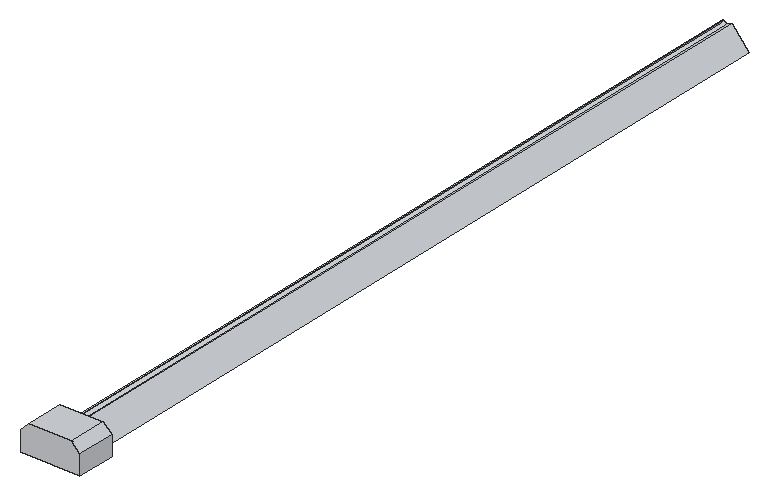
Revit family "DES3-20-50", category Mechanical Equipment, Revit 2012
Parameters
  Weight = "120 Pounds"
  Voltage = 120 V
  URL = "www.DetroitRadiant.com"
  Top Clearance = 0' - 6"
  Stage = "Single"
  Side Clearance = 0' - 9"
  Recommended Mounting Height = "10' to 16'"
  Model = "DES3-20-50"
  Material (Radiant Tubes) = "Hot Rolled Steel"
  Material (Combustion Tube) = "Black Coated Aluminized Steel"
  Manufacturer = "Detroit Radiant Products Company"
  Length = 21' - 9"
  Heat Gain (High Fire) = 50000.0 Btu/h
  Gas Type = "N or LP"
  Frequency = 60 Hz
  Below Clearance = 3' - 11"
Reference planes (in)
  plane 1 "Center (Front/Back)": y = 0
  plane 2: z = 0
  plane 3 "Center (Left/Right)": x = 0
Dimensions and locks (in)
  aligned and locked: plane 2 to level
Nested families (in)
  nested 1: "V3 Box With 20' Tube Assembly" at (-1.75, 0, 0) x (-1, 0, 0) z (0, 0, 1), type "Infra-Red"
Definition of nested family "V3 Box With 20' Tube Assembly"
  Parameters (values of type "Infra-Red")
    Weight = ""
    Voltage = 0 V
    URL = "www.DetroitRadiant.com"
    Top Clearance = 0' - 0"
    Stage = ""
    Side Clearances = 0' - 0"
    Recommended Mounting Height = ""
    Material = ""
    Manufacturer = "Detroit Radiant Products Company"
    Length = 0' - 0"
    Heat Gain (Low Fire) = 0.0 Btu/h
    Heat Gain (High Fire) = 0.0 Btu/h
    Gas Type = ""
    Frequency = 0 Hz
    Current = 0 A
    Below Clearance = 0' - 0"
    Back Clearance = 0' - 0"
    Apparent Power = 0 VA
  Reference planes (in)
    plane 1 "Center (Front/Back)": y = 0
    plane 2: z = 0
    plane 3 "Center (Left/Right)": x = 0
  Forms (in)
    Extrusion 1, solid
      sketch origin (0, 0, 0) x (1, 0, 0) y (0, 0, 1)
        loop
          line (-6.375, 8.625) -> (-9, 6) -> (-9, 0) -> (9.5, 0) -> (9.5, 6) -> (6.875, 8.625) -> (-6.375, 8.625)
      from 12 to 0
    Extrusion 2, solid
      sketch origin (0, -5, 0) x (1, 0, 0) y (0, 0, 1)
        loop
          line (-6.25, 1.1425) -> (-6, 1.1425) -> (-1.00787, 7.21737) -> (0.25, 6.625) -> (1.50787, 7.21737) -> (6.5, 1.1425) -> (6.75, 1.1425) -> (1.54, 7.4825) -> (0.25, 6.875) -> (-1.04, 7.4825) -> (-6.25, 1.1425)
      from 256 to 7
  Lines and regions (in)
    model lines
      curve 1: line (-9, 0, 0) -> (9.5, 0, 0)
  Dimensions and locks (in)
    aligned and locked: plane 2 to level
  Nested families (in)
    nested 1: "10' Tube (Black)" at (13.81098, -247, 0) x (0, 1, 0) z (0, 0, 1), type "10' Burner"
    nested 2: "10'" at (13.81098, -128, 0) x (0, 1, 0) z (0, 0, 1), type "10' Burner"
  Definition of nested family "10' Tube (Black)"
    Parameters (values of type "10' Burner")
      h = 0.0 Btu/h
      Tube = none
      Reflector = none
      Heating = 50000 VA  # 170607.1 Btu/h
      Hanger = none
    Reference planes (in)
      plane 1 "Center (Front/Back)": y = 0
      plane 2: z = 0
      plane 3 "Center (Left/Right)": x = 0
    Forms (in)
      Extrusion 1, solid, material "Default 3"
        sketch origin (99, 292.12195, 0) x (0, -1, 0) y (0, 0, 1)
          loop
            circle (278.56098, 1.61442) r 2
          loop
            circle (278.56098, 1.61442) r 1.80078
        from 109 to 0
      Extrusion 2, solid, material "Default 3"
        sketch origin (-14, -265, 0) x (0, 1, 0) y (0, 0, 1)
          loop
            circle (278.56098, 1.61442) r 1.60156
          loop
            circle (278.56098, 1.61442) r 1.80078
        from 4 to 0
    Lines and regions (in)
      model lines
        curve 1: circle (0, 13.56098, 1.61442) r 1.80078 normal (1, 0, 0)
        curve 2: circle (0, 13.56098, 1.61442) r 1.60156 normal (1, 0, 0)
    Dimensions and locks (in)
      aligned and locked: plane 2 to level
  Definition of nested family "10'"
    Parameters (values of type "Tube")
      h = 0.0 Btu/h
      Tube = none
      Reflector = none
      Heating = 50000 VA  # 170607.1 Btu/h
      Hanger = none
    Types (2): name
      10' Burner
      Tube
    Reference planes (in)
      plane 1 "Center (Front/Back)": y = 0
      plane 2: z = 0
      plane 3 "Center (Left/Right)": x = 0
    Forms (in)
      Extrusion 1, solid, material "Default 3"
        sketch origin (116, 292.12195, 0) x (0, -1, 0) y (0, 0, 1)
          loop
            circle (278.56098, 1.61442) r 2
          loop
            circle (278.56098, 1.61442) r 1.80078
        from 136 to 0
      Extrusion 2, solid, material "Default 3"
        sketch origin (-24, -265, 0) x (0, 1, 0) y (0, 0, 1)
          loop
            circle (278.56098, 1.61442) r 1.60156
          loop
            circle (278.56098, 1.61442) r 1.80078
        from 4 to 0
    Lines and regions (in)
      model lines
        curve 1: circle (0, 13.56098, 1.61442) r 1.80078 normal (1, 0, 0)
        curve 2: circle (0, 13.56098, 1.61442) r 1.60156 normal (1, 0, 0)
    Dimensions and locks (in)
      aligned and locked: plane 2 to level
